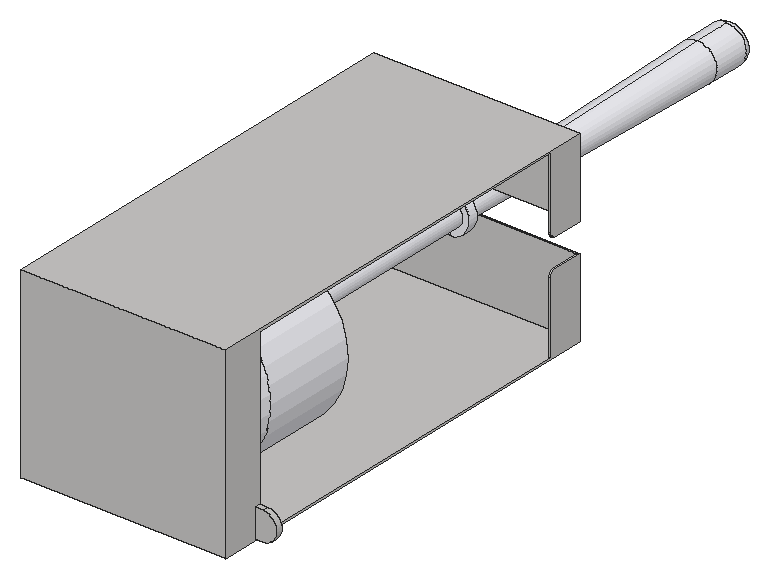
Revit family "PRD_FrankeWS_TltBrshHldrs_ToiletBrushHolder_RODX687", category Specialty Equipment, host Face, Revit 2018
Family settings
  Host = Face
  Round Connector Dimension = Use Diameter
  Part Type = Normal
  OmniClass Number = 23.40.00.00
  OmniClass Title = Equipment and Furnishings
  Cut with Voids When Loaded = No
  Shared = No
  Room Calculation Point = No
Parameters (values of type "RODX687")
  WarrantyStartDate [instance] = "1900-12-31T23:59:59"
  WarrantyGuarantorParts = "n/a"
  WarrantyGuarantorLabor = "n/a"
  WarrantyDurationUnit = "year"
  WarrantyDurationParts = "n/a"
  WarrantyDurationLabor = "n/a"
  WarrantyDescription = "n/a"
  Version = "1"
  Uniclass2015Version = "Products v1.7"
  Uniclass2015Title = "Toilet brush holders"
  Uniclass2015Code = "Pr_40_20_76_86"
  URL = "www.kwc.com"
  ToiletBrushHolderMaterial = PRD_AR_StainlessSteel_SatinFinished
  TagNumber [instance] = "n/a"
  SustainabilityPerformance = "n/a"
  Style = "Toilet brush holder"
  Size = "107x230x97 mm"
  Shape = "n/a"
  SerialNumber [instance] = "n/a"
  Revision = "n/a"
  ReplacementCost = "n/a"
  ProductInformation = "https://pim.kwc.com/product/2000100000/attachment/datasheet?locale=en"
  OverallWidth = 107.00 mm
  OverallHeight = 230.00 mm
  OverallDepth = 97.00 mm
  NominalWidth = 107.00 mm
  NominalHeight = 230.00 mm
  NominalDepth = 97.00 mm
  NetWeight = 0.83 kg
  Name = "RODAN Toilet brush holder RODX687"
  NBSTypeID = "n/a"
  NBSReference = "45-35-72/364"
  NBSOfficeMasterTag = "n/a"
  NBSNote = "n/a"
  NBSDescription = "Toilet brush holders"
  NBSCertification = "n/a"
  ModelReference = "RODX687"
  ModelNumber = "2000100000"
  Model = ModelReference  # "RODX687"
  Material = "Stainless steel"
  ManufacturerURL = "www.kwc.com"
  ManufacturerName = "KWC Group AG"  # constant formula
  Manufacturer = ManufacturerName  # "KWC Group AG"
  MainColor = "Stainless steel"
  IntegralAccessories = "White nylon brush with flushing rim cleaner. Stainless steel screws and dowels incl."
  InstallationDate [instance] = "1900-12-31T23:59:59"
  IfcExportType = "NOTDEFINED"
  IfcExportAs = "IfcFurnitureType"
  GrossWeight = 1.01 kg
  Grade = "n/a"
  Form = "Wall mounted"
  FinishAndColour = "Stainless steel, satin finished"
  Finish = "Satin finished"
  Features = "stainless steel, 0.80 mm, satin finished, wall mounting, 107x230x97 mm (WxHxD)"
  ExpectedLife = "n/a"
  DurationUnit = "year"
  Description = "Toilet brush holder for wall mounting, stainless steel, surface satin finished, material thickness 0.8 mm, folded front, closed cover to the front, lasered opening for brush, white nylon brush with flushing rim cleaner, withdrawal opening either left or right, depending on mounting, removable plastic drip tray, incl. stainless steel screws and dowels."
  Default Elevation = 100.00 mm
  Constituents = "White nylon brush with flushing rim cleaner"
  Color = "Stainless steel"
  CodePerformance = "n/a"
  Category = "Pr_40_20_76_86, Toilet brush holders"
  BrushMaterial = PRD_AR_ToiletBrush
  BarCode [instance] = "n/a"
  BIMObjectName = "PRD_AR_ToiletBrushHolders_ToiletBrushHolder_RODX687"
  Author = "Archispace"  # constant formula
  AssetType = "Fixed"
  AssetIdentifier [instance] = "n/a"
  AccessibilityPerformance = "n/a"
Reference planes
  plane 1 "Center (Front/Back)": y = 0
  plane 2: z = 0
  plane 3 "Center (Left/Right)": x = 0
  plane 4: y = 230
  plane 5: y = 250
  plane 6: y = 210
  plane 7: x = -53.5
  plane 8: x = 53.5
  plane 9: x = -65
  plane 10: x = 65
  plane 11: z = 97
  plane 12: z = 48.5
Forms (mm)
  Extrusion 1, solid, material "PRD_AR_StainlessSteel_SatinFinished" <- "ToiletBrushHolderMaterial", detail levels fine
    sketch origin (0, 0, 0) x (0, 1, 0) y (0, 0, 1)
      loop
        line (230, 0) -> (230, 97) -> (0, 97) -> (0, 0) -> (230, 0)
      loop
        line (229.2, 0.8) -> (229.2, 96.1) -> (0.8, 96.1) -> (0.8, 0.8) -> (229.2, 0.8)
    from -53.5 to 53.5
  Extrusion 2, solid, material "PRD_AR_StainlessSteel_SatinFinished" <- "ToiletBrushHolderMaterial", detail levels fine
    sketch origin (0, 0, 0) x (0, 1, 0) y (0, 0, 1)
      loop
        line (0, 97) -> (0, 0) -> (20, 0) -> (20, 97) -> (0, 97)
      loop
        line (211, 97) -> (211, 59)
        arc (211, 59) -> (211.879, 56.879) -> (214, 56) r 3
        line (214, 56) -> (230, 56) -> (230, 97) -> (211, 97)
      loop
        line (211, 0) -> (230, 0) -> (230, 41) -> (214, 41)
        arc (214, 41) -> (211.879, 40.121) -> (211, 38) r 3
        line (211, 38) -> (211, 0)
    from 53.5 to 52.7
  Extrusion 3, solid, material "PRD_AR_StainlessSteel_SatinFinished" <- "ToiletBrushHolderMaterial", detail levels fine
    sketch origin (0, 0, 0) x (0, 1, 0) y (0, 0, -1)
      loop
        line (0, -96.1) -> (20, -96.1) -> (20, 0) -> (0, 0) -> (0, -96.1)
      loop
        line (211, -96.1) -> (230, -96.1) -> (230, 0) -> (211, 0) -> (211, -96.1)
    from 53.5 to 52.7
  Revolve 4, solid, material "PRD_AR_ToiletBrush" <- "BrushMaterial", detail levels fine
    sketch origin (0, 0, 0) x (0, 1, 0) y (0, 0, 1)
      loop
        arc (42.8, 91) -> (14.516, 79.284) -> (2.8, 51) r 40
        line (2.8, 51) -> (2.8, 48.5) -> (396.3, 48.5) -> (396.3, 54.706)
        arc (396.3, 54.706) -> (395.113, 57.55) -> (392.257, 58.706) r 4
        line (392.257, 58.706) -> (373.3, 58.5) -> (217.3, 55) -> (217.3, 58.5) -> (212.3, 58.5) -> (212.3, 55) -> (107.187, 55)
        arc (107.187, 55) -> (100.668, 57.417) -> (97.3, 63.5) r 10
        line (97.3, 63.5) -> (92.8, 63.5) -> (92.8, 91) -> (42.8, 91)
      axis (396.3, 48.5) -> (2.8, 48.5)
    angle from 0 to 360
  Extrusion 5, void
    sketch origin (0, 0, 0) x (1, 0, 0) y (0, 0, 1)
      loop
        line (53.5, 56) -> (0, 56)
        arc (0, 56) -> (-7.5, 48.5) -> (0, 41) r 7.5
        line (0, 41) -> (53.5, 41) -> (53.5, 56)
    from -250 to -210
  Extrusion 6, solid, material "PRD_AR_StainlessSteel_SatinFinished" <- "ToiletBrushHolderMaterial", detail levels fine
    sketch origin (0, 0, 0) x (1, 0, 0) y (0, 0, 1)
      loop
        arc (57.6, 0.8) -> (65, 8.2) -> (57.6, 15.6) r 7.4
        line (57.6, 15.6) -> (53.5, 15.6) -> (53.5, 96.1) -> (-53.5, 96.1) -> (-53.5, 15.6) -> (-57.6, 15.6)
        arc (-57.6, 15.6) -> (-65, 8.2) -> (-57.6, 0.8) r 7.4
        line (-57.6, 0.8) -> (57.6, 0.8)
      loop
        line (50.246, 2.805) -> (50.246, 93.6) -> (-50.246, 93.6) -> (-50.246, 2.805) -> (50.246, 2.805)
    from -21.8 to -0.8
  Extrusion 7, void
    sketch origin (0, 0, 0) x (1, 0, 0) y (0, 0, 1)
      loop
        arc (57.6, 0.8) -> (65, 8.2) -> (57.6, 15.6) r 7.4
        line (57.6, 15.6) -> (53.5, 15.6) -> (53.5, 0.8) -> (57.6, 0.8)
      loop
        line (-53.5, 0.8) -> (-53.5, 15.6) -> (-57.6, 15.6)
        arc (-57.6, 15.6) -> (-65, 8.2) -> (-57.6, 0.8) r 7.4
        line (-57.6, 0.8) -> (-53.5, 0.8)
    from -18.8 to 0
  Extrusion 8, solid, material "PRD_AR_StainlessSteel_SatinFinished" <- "ToiletBrushHolderMaterial", detail levels medium
    sketch origin (0, 132.376, 80) x (0, 1, 0) y (-1, 0, 0)
      loop
        line (97.624, 53.5) -> (-132.376, 53.5) -> (-132.376, -53.5) -> (97.624, -53.5) -> (97.624, 53.5)
    from -80 to 17
  Extrusion 9, solid, material "PRD_AR_ToiletBrush" <- "BrushMaterial", detail levels medium
    sketch origin (0, 41.5, 0) x (0, 0, -1) y (-1, 0, 0)
      loop
        circle (-48.5, 0) r 6.5
    from 188.5 to 355
  Extrusion 10, solid, material "PRD_AR_StainlessSteel_SatinFinished" <- "ToiletBrushHolderMaterial", detail levels coarse
    sketch origin (0, 132.376, 80) x (0, 1, 0) y (-1, 0, 0)
      loop
        line (-132.376, 53.5) -> (-132.376, -53.5) -> (264.124, -53.5) -> (264.124, 53.5) -> (-132.376, 53.5)
    from -80 to 17
Cuts and joins
  Extrusion 5 cuts Extrusion 1
  Extrusion 5 cuts Extrusion 2
  Extrusion 7 cuts Extrusion 6
  joined: Extrusion 1, Extrusion 2, Extrusion 3, Extrusion 6
Dimensions and locks
  "OverallHeight": plane 1 "Center (Front/Back)" to plane 4
  equal spacing: plane 5, plane 4, plane 6
  locked: plane 5 to plane 6 at 40
  equal spacing: plane 7, plane 3 "Center (Left/Right)", plane 8
  "OverallWidth": plane 7 to plane 8
  locked: plane 8 to cut or joined group of Extrusion 1, Extrusion 2, Extrusion 3, Extrusion 5, Extrusion 6, Extrusion 7 at 0.8
  locked: cut or joined group of Extrusion 1, Extrusion 2, Extrusion 3, Extrusion 5, Extrusion 6, Extrusion 7 to plane 7 at 0.8
  plane 3 "Center (Left/Right)" to plane 9 = 65.00 mm
  plane 10 to plane 3 "Center (Left/Right)" = 65.00 mm
  "OverallDepth": plane 11 to level
  equal spacing: level, plane 12, plane 11
  locked: plane 12 to cut or joined group of Extrusion 1, Extrusion 2, Extrusion 3, Extrusion 5, Extrusion 6, Extrusion 7 at 7.5
  locked: cut or joined group of Extrusion 1, Extrusion 2, Extrusion 3, Extrusion 5, Extrusion 6, Extrusion 7 to plane 12 at 7.5  (x2)
  locked: plane 12 to Extrusion 2 sketch curve at 7.5
  locked: Revolve 4 sketch curve to plane 4 at 12.7
  locked: Revolve 4 sketch curve to plane 4 at 17.7
  locked: plane 4 to Revolve 4 sketch curve at 166.3
  locked: Extrusion 9 to plane 4 at 166.5
  aligned and locked: plane 2 to host face
  aligned and locked: level to host face
  aligned and locked: Extrusion 1 sketch curve to plane 4
  aligned and locked: Extrusion 3 sketch curve to plane 4
  aligned and locked: plane 4 to cut or joined group of Extrusion 1, Extrusion 2, Extrusion 3, Extrusion 5, Extrusion 6, Extrusion 7  (x2)
  aligned and locked: plane 5 to Extrusion 5
  aligned and locked: Extrusion 5 to plane 6
  aligned and locked: plane 8 to Extrusion 6 sketch curve
  aligned and locked: Extrusion 6 sketch curve to plane 7
  aligned and locked: Extrusion 1 to Extrusion 6  (x2)
  aligned and locked: plane 7 to Extrusion 7
  aligned and locked: Extrusion 7 sketch curve to plane 8
  aligned and locked: plane 8 to cut or joined group of Extrusion 1, Extrusion 2, Extrusion 3, Extrusion 5, Extrusion 6, Extrusion 7
  aligned and locked: cut or joined group of Extrusion 1, Extrusion 2, Extrusion 3, Extrusion 5, Extrusion 6, Extrusion 7 to plane 7
  aligned and locked: Extrusion 1 sketch curve to plane 11
  aligned and locked: Extrusion 6 sketch curve to cut or joined group of Extrusion 1, Extrusion 2, Extrusion 3, Extrusion 5, Extrusion 6, Extrusion 7
  aligned and locked: Extrusion 3 to Extrusion 1  (x2)
  aligned and locked: Revolve 4 sketch curve to plane 12
  aligned and locked: plane 8 to Extrusion 5 sketch curve
  aligned and locked: plane 11 to Extrusion 2 sketch curve  (x2)
  aligned and locked: Extrusion 2 to Extrusion 3
  aligned and locked: Extrusion 8 sketch curve to plane 4
  aligned and locked: plane 7 to Extrusion 8 sketch curve
  aligned and locked: Extrusion 8 sketch curve to plane 8
  aligned and locked: Extrusion 8 sketch curve to plane 1 "Center (Front/Back)"
  aligned and locked: Extrusion 8 to level
  aligned and locked: plane 11 to Extrusion 8
  aligned and locked: Extrusion 9 to plane 4
  aligned and locked: plane 1 "Center (Front/Back)" to Extrusion 10 sketch curve
  aligned and locked: plane 8 to Extrusion 10 sketch curve
  aligned and locked: Extrusion 10 sketch curve to plane 7
  aligned and locked: Extrusion 10 sketch curve to Extrusion 9
  aligned and locked: Extrusion 10 to level
  aligned and locked: plane 11 to Extrusion 10
Automatic sketch dimensions
  host sketch curve to host sketch curve = 2438.40 mm  (x2)
  Extrusion 1 sketch curve to plane 1 "Center (Front/Back)" = 0.00 mm
  Extrusion 1 sketch curve to level = 0.00 mm
  Extrusion 1 sketch curve to plane 1 "Center (Front/Back)" = 0.80 mm
  level to Extrusion 1 sketch curve = 0.80 mm
  Extrusion 1 sketch curve to Extrusion 1 sketch curve = 0.80 mm
  Extrusion 1 sketch curve to Extrusion 1 sketch curve = 0.90 mm
  Extrusion 3 sketch curve to level = 0.00 mm  (x2)
  Extrusion 3 sketch curve to plane 1 "Center (Front/Back)" = 0.00 mm
  Extrusion 3 sketch curve to Extrusion 3 sketch curve = 20.00 mm
  Extrusion 3 sketch curve to Extrusion 3 sketch curve = 19.00 mm
  level to Extrusion 3 sketch curve = 96.10 mm  (x2)
  Extrusion 7 sketch curve to plane 7 = 0.00 mm
  Extrusion 7 sketch curve to plane 7 = 4.10 mm
  Extrusion 7 sketch curve to Extrusion 7 sketch curve = 4.10 mm
  level to Extrusion 7 sketch curve = 0.80 mm  (x2)
  Extrusion 7 sketch curve to Extrusion 7 sketch curve = 7.40 mm  (x2)
  Extrusion 2 sketch curve to level = 0.00 mm  (x2)
  Extrusion 2 sketch curve to plane 1 "Center (Front/Back)" = 0.00 mm
  Extrusion 2 sketch curve to plane 4 = 0.00 mm  (x2)
  Extrusion 2 sketch curve to Extrusion 2 sketch curve = 20.00 mm
  plane 6 to Extrusion 2 sketch curve = 1.00 mm  (x2)
  plane 6 to Extrusion 2 sketch curve = 4.00 mm  (x2)
  Extrusion 2 sketch curve to Extrusion 2 sketch curve = 15.00 mm
  Extrusion 6 sketch curve to plane 7 = 4.10 mm
  plane 7 to Extrusion 6 sketch curve = 3.254 mm
  Extrusion 6 sketch curve to plane 8 = 3.254 mm
  level to Extrusion 6 sketch curve = 0.80 mm
  plane 8 to Extrusion 6 sketch curve = 4.10 mm
  level to Extrusion 6 sketch curve = 2.805 mm
  Extrusion 6 sketch curve to Extrusion 6 sketch curve = 7.40 mm  (x2)
  Extrusion 6 sketch curve to plane 11 = 3.40 mm
  Revolve 4 sketch curve to plane 12 = 0.00 mm
  Revolve 4 sketch curve to plane 1 "Center (Front/Back)" = 2.80 mm
  plane 12 to Revolve 4 sketch curve = 2.50 mm
  Revolve 4 sketch curve to Revolve 4 sketch curve = 40.00 mm
  plane 12 to Revolve 4 sketch curve = 15.00 mm
  Revolve 4 sketch curve to Revolve 4 sketch curve = 50.00 mm  (x2)
  Revolve 4 sketch curve to Revolve 4 sketch curve = 4.50 mm
  plane 12 to Revolve 4 sketch curve = 6.50 mm
  Revolve 4 sketch curve to Revolve 4 sketch curve = 9.887 mm
  plane 12 to Revolve 4 sketch curve = 10.00 mm
  plane 12 to Revolve 4 sketch curve = 10.206 mm
  Revolve 4 sketch curve to Revolve 4 sketch curve = 18.957 mm
  Revolve 4 sketch curve to Revolve 4 sketch curve = 0.043 mm
  Revolve 4 sketch curve to Revolve 4 sketch curve = 4.00 mm
  Revolve 4 sketch curve to Revolve 4 sketch curve = 0.00 mm
  Revolve 4 sketch curve to Revolve 4 sketch curve = 3.50 mm
  plane 1 "Center (Front/Back)" to Revolve 4 sketch curve = 53.70 mm
  Extrusion 5 sketch curve to plane 3 "Center (Left/Right)" = 0.00 mm
  Extrusion 5 sketch curve to plane 12 = 0.00 mm
  Extrusion 5 sketch curve to plane 12 = 7.50 mm
  Extrusion 9 sketch curve to plane 3 "Center (Left/Right)" = 0.00 mm
  Extrusion 9 sketch curve to plane 12 = 0.00 mm
  radius of Extrusion 9 sketch curve = 6.50 mm
